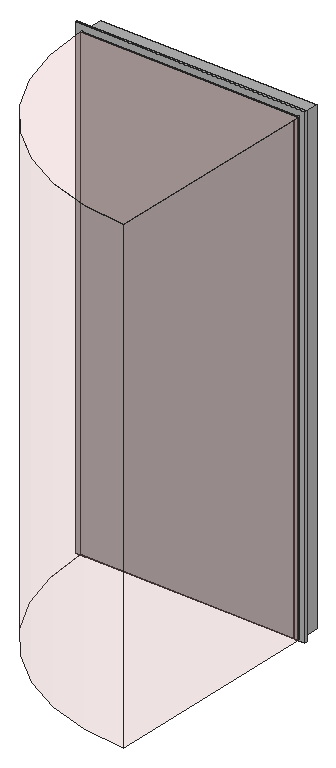
Revit family "ASSA ABLOY - ALPE Sp 30-1, single-leaf, angular frame", category Doors, host Wall, Revit 2021
Family settings
  Host = Wall
  OmniClass Number = 23.30.10.00
  OmniClass Title = Doors
  Always vertical = Yes
  Cut with Voids When Loaded = No
  Shared = No
  Room Calculation Point = No
Parameters (values of type "900 x 2100 (909 x 2106)")
  URL = "https://www.assaabloy.com/pl/pl"
  Type Comments = "Door leaf made of two pressed galvanised steel sheets 1,25mm thick. Filled with mineral wool glued to the sheets with polyurethane adhesive. Door with 3-sided thin rebate."
  Symbol Radius = Door Leaf Width + 9.500 mm  # 994.200 mm
  Rough Width Real = Width Round + Rough Width Conversion + Rough Width Adjustment  # 981.500 mm
  Rough Width Conversion = 81.500 mm  # constant formula
  Rough Width Adjustment = 0.000 mm  # constant formula
  Rough Height Real = Height Round + Rough Height Conversion + Rough Height Adjustment  # 2134.000 mm
  Rough Height Conversion = 34.000 mm  # constant formula
  Rough Height Adjustment = 0.000 mm  # constant formula
  Opening Zone [instance] = yes
  Model = "Doorset_Steel door, NFR or EI30_ASSA ABLOY Opening Solutions_Hardware 3D"
  Hinges Material = Default steel
  HW Item 8 = "1x 206253: Vercy door stopper, max 120 kg_ASSA ABLOY (option)"
  Frame Finish [instance] = ""
  Fire Rating NFR (0) = [Fire Rating - Set Value] = 1  # no
  Fire Rating EI30 (1) = [Fire Rating - Set Value] = 0  # yes
  Fire Rating - Set Value = 0
  Fire Rating = if([Fire Rating NFR (0)], "NFR", if([Fire Rating EI30 (1)], "EI30", "0"))  # "EI30"
  Width Round = roundup((Width / 5.000 mm)) * 5.000 mm  # 900.000 mm
  Thickness = 54.000 mm  # constant formula
  Smoke Rating = "Sa, S200 (optional)"
  Rough Width = Width Round + Rough Width Conversion + Rough Width Adjustment + 8.500 mm  # 990.000 mm
  Rough Height = Height Round + Rough Height Conversion + Rough Height Adjustment + 6.000 mm  # 2140.000 mm
  Readme = "The actual lintel height is consistent with the Rough Height parameter.\r\nThe final HW Set should be consistent with the function of the door and its  parameters.\r\nHardware mounted on door surface may affect the clear passage opening. For verification, please contact the specification department.\r\nFor the corner door frame installed in a steel structure and plasterboard walls, add 3 cm per each leaf to the width of the Rough Width opening."
  Provider = "ASSA ABLOY Opening Solutions"
  Product Group = "Single-Steel"
  Name = "Steel door, NFR or EI30"
  Min Door Width = 280.000 mm
  Min Door Height = 700.000 mm
  Mechanical Strength = 4
  Max Door Width = 1230.000 mm
  Max Door Height = 2500.000 mm
  Manufacturer = "ASSA ABLOY"  # constant formula
  IfcExportType = "USERDEFINED"
  IfcExportAs = "IfcDoorType"
  Height Round = roundup((Height / 5.000 mm)) * 5.000 mm  # 2100.000 mm
  Hardware Set = "2.6PL"
  HW Item 7 = "1x TL0151BS: round rosette PZPZ, stainless steel_ASSA ABLOY"
  HW Item 6 = "1x TL4106SS: U-shape handle set on round rosette, class 4 (EN1906), stainless steel_ASSA ABLOY"
  HW Item 5 = "1x SK6 Radius: euro profile cylinder_IKON"
  HW Item 4 = "1x N1050: One System mechanical mortice lockcase for fire doors_ASSA ABLOY"
  HW Item 3 = "1x A153: mechanical opening damper_ASSA ABLOY (option)"
  HW Item 2 = "1x G195: door closer guide rail_ASSA ABLOY"
  HW Item 1 = "1x DC700/ DC500: door closer, Cam-Motion®_ASSA ABLOY"
  Function = Interior
  Height = 2100.000 mm
  Wall Closure = By host
  Width = 900.000 mm
  Frame Type = "Welded steel corner frame, made of galvanised sheet 1,5mm thick."
  Frame Material = Default steel
  Family name = "2.6_DOORSET_ALPE Sp 30-1_SINGLE-LEAF_CORNER FRAME_ASSA ABLOY PL"
  Environmental Product Declaration (EPD) = "To be confirmed with Provider"  # constant formula
  Environmental Management System = "To be confirmed with Provider"  # constant formula
  Edition number = "1"
  Door Type = "ALPE Sp 30-1"
  Door Material = Default steel
  Door Leaf Width = Width Round + 84.700 mm + Rough Width Adjustment  # 984.700 mm
  Door Finish Push Side [instance] = ""
  Door Finish Pull Side [instance] = ""
  Description = "ALPE Sp 30-1, door leaf made of two pressed galvanised steel sheets 1,25mm thick. Filled with mineral wool glued to the sheets with polyurethane adhesive. Door with 3-sided thin rebate. Stainless steel hinges with 3D regulation. Mechanical durability – class C5 according to PN-EN 16034:2014. Mechanical strength – class 4 according to PN-EN 1192:2001. Welded steel corner frame, made of galvanised sheet 1,5mm thick."
  Date of publishing = ""
  Contact Provider = "https://www.assaabloy.com/pl/pl/solutions/topics/bim-specification/contact"
  Brand = "ASSA ABLOY Mercor Doors Sp. z o. o."  # constant formula
  Author = "www.archispace.pl"
Types (7, lengths in mm): name | Symbol Radius | Rough Width Real | Rough Height Real | Width Round | Rough Width | Rough Height | Height Round | Height | Width | Door Leaf Width
  800 x 2100 (809 x 2106) | 894.200 | 881.500 | 2134.000 | 800.000 | 890.000 | 2140.000 | 2100.000 | 2100.000 | 800.000 | 884.700
  1000 x 2100 (1009 x 2106) | 1094.200 | 1081.500 | 2134.000 | 1000.000 | 1090.000 | 2140.000 | 2100.000 | 2100.000 | 1000.000 | 1084.700
  900 x 2100 (909 x 2106) | 994.200 | 981.500 | 2134.000 | 900.000 | 990.000 | 2140.000 | 2100.000 | 2100.000 | 900.000 | 984.700
  1100 x 2100 (1109 x 2106) | 1194.200 | 1181.500 | 2134.000 | 1100.000 | 1190.000 | 2140.000 | 2100.000 | 2100.000 | 1100.000 | 1184.700
  1200 x 2100 (1209 x 2106) | 1294.200 | 1281.500 | 2134.000 | 1200.000 | 1290.000 | 2140.000 | 2100.000 | 2100.000 | 1200.000 | 1284.700
  1230 x 2500 (1239 x 2506) | 1324.200 | 1311.500 | 2534.000 | 1230.000 | 1320.000 | 2540.000 | 2500.000 | 2500.000 | 1230.000 | 1314.700
  280 x 700 (289 x 706) | 374.200 | 361.500 | 734.000 | 280.000 | 370.000 | 740.000 | 700.000 | 700.000 | 280.000 | 364.700
Reference planes
  plane 1: y = 0
  plane 2 "Center (Left/Right)": x = 0
  plane 3: z = 2140
  plane 4 "Exterior": y = 120
  plane 5 "Interior": y = -120
  plane 6: x = -490.75
  plane 7: x = 490.75
  plane 8: z = 2100
  plane 9: y = -60
  plane 10: y = -74
  plane 11: y = -24.5
  plane 12: y = -22
  plane 13: y = -129
  plane 14: x = -473.35
  plane 15: x = 473.35
  plane 16: z = 2116.6
  plane 17: z = 5
  plane 18: y = -137
  plane 19: x = 501.85
  plane 20: x = -495
  plane 21: x = 495
  plane 22: x = -456.75
  plane 23: x = 456.75
  plane 24: z = 2134
  plane 25: z = 152.5
  plane 26: z = 176.5
  plane 27: z = 178
  plane 28: z = 222
  plane 29: z = 223.5
  plane 30: z = 247.5
  plane 31: z = 1883.5
  plane 32: z = 1907.5
  plane 33: z = 1909
  plane 34: z = 1953
  plane 35: z = 1954.5
  plane 36: z = 1978.5
  plane 37: z = 1383.5
  plane 38: z = 1407.5
  plane 39: z = 1409
  plane 40: z = 1453
  plane 41: z = 1454.5
  plane 42: z = 1478.5
Forms (mm)
  Sweep 1, solid, material "Default steel" <- "Frame Material"
    path origin (0, -120, 0) x (1, 0, 0) y (0, 0, 1)
      loop
        line (-490.75, 0) -> (-490.75, 2134) -> (490.75, 2134) -> (490.75, 0)
    profile origin (-490.75, -120, 1067) x (-1, 0, 0) y (0, -1, 0)
      loop
        line (30, 0) -> (30, 9) -> (-12, 9) -> (-12, -60) -> (-21, -60) -> (-21, -46) -> (-34, -46) -> (-34, -98) -> (-8, -98) -> (-8, -95.5) -> (0, -95.5) -> (0, 0) -> (30, 0)
  Sweep 2, solid, material "Default steel" <- "Door Material"
    path origin (-5000, -120, 0) x (1, 0, 0) y (0, 0, 1)
      loop
        line (4526.65, 5) -> (4526.65, 2116.6) -> (5473.35, 2116.6) -> (5473.35, 5)
    profile origin (0, -120, 2116.6) x (0, 0, 1) y (0, -1, 0)
      loop
        line (0, 10) -> (19, 10) -> (19, 12.4) -> (0, 12.4) -> (0, 10)
  Sweep 3, solid, material "Default steel" <- "Door Material"
    path origin (-5000, -120, 0) x (1, 0, 0) y (0, 0, 1)
      loop
        line (5000, 5) -> (5000, 2116.6)
    profile origin (0, -120, 1060.8) x (-1, 0, 0) y (0, -1, 0)
      loop
        line (473.35, -41.6) -> (473.35, 12.4) -> (-473.35, 12.4) -> (-473.35, -41.6) -> (473.35, -41.6)
  Sweep 4, solid, material "Opening zone", visible <- "Opening Zone"
    path origin (-4946, 0, 0) x (-1, 0, 0) y (0, 0, 1)
      loop
        line (-5000, 5) -> (-5000, 2135.6)
    profile origin (54, 0, 1070.3) x (1, 0, 0) y (0, 1, 0)
      loop
        line (447.85, -137) -> (-546.35, -137)
        arc (-546.35, -137) -> (-255.156, -840.006) -> (447.85, -1131.2) r 994.2
        line (447.85, -1131.2) -> (447.85, -137)
Cuts and joins
  joined: Sweep 2, Sweep 3
Lines and regions (mm)
  Masking region 1, detail levels fine
    outline origin (-1177.682, -300, 2052) x (-1, 0, 0) y (0, -1, 0)
      loop
        line (-720.932, -226) -> (-720.932, -278) -> (-694.932, -278) -> (-694.932, -275.5) -> (-686.932, -275.5) -> (-686.932, -180) -> (-656.932, -180) -> (-656.932, -171) -> (-698.932, -171) -> (-698.932, -240) -> (-707.932, -240) -> (-707.932, -226) -> (-720.932, -226)
      loop
        line (-1634.432, -226) -> (-1647.432, -226) -> (-1647.432, -240) -> (-1656.432, -240) -> (-1656.432, -171) -> (-1698.432, -171) -> (-1698.432, -180) -> (-1668.432, -180) -> (-1668.432, -275.5) -> (-1660.432, -275.5) -> (-1660.432, -278) -> (-1634.432, -278) -> (-1634.432, -226)
  Masking region 2, detail levels medium
    outline origin (-1132.682, -300, 2052) x (-1, 0, 0) y (0, -1, 0)
      loop
        line (-641.932, -278) -> (-641.932, -180) -> (-608.932, -180) -> (-608.932, -171) -> (-675.932, -171) -> (-675.932, -278) -> (-641.932, -278)
      loop
        line (-1623.432, -278) -> (-1589.432, -278) -> (-1589.432, -171) -> (-1653.432, -171) -> (-1653.432, -180) -> (-1623.432, -180) -> (-1623.432, -278)
  Masking region 3, detail levels fine
    outline origin (-1132.682, -300, 2052) x (-1, 0, 0) y (0, -1, 0)
      loop
        circle (-1634.532, -163) r 9.5
  Opening 1
    outline origin (-5000, -120, 0) x (1, 0, 0) y (0, 0, 1)
      loop
        line (4505, 2140) -> (4505, 0) -> (5495, 0) -> (5495, 2140) -> (4505, 2140)
  symbolic lines, style "Elevation Swing"
    curve 1: line (-456.75, -120, 1070) -> (456.75, -120, 2100)
    curve 2: line (-456.75, -120, 1070) -> (456.75, -120, 5)
Text (mm)
  text "Exterior" at (-1376.75, 1099.543, 0), in view "Ref. Level"
  text "Exterior" at (0, 1615.38, 3698.081), in view "Left"
  text "Exterior" at (0, 1036.032, 3874.932), in view "Right"
Dimensions and locks
  "Rough Height": plane 3 to host wall
  equal spacing: host wall, curve 2, plane 3
  host wall to plane 3 = 2140.000 mm
  locked: plane 4 "Exterior" to host wall
  locked: plane 5 "Interior" to host wall
  equal spacing: plane 6, plane 2 "Center (Left/Right)", plane 7
  "Rough Width Real": plane 6 to plane 7
  "Height": plane 8 to level
  locked: plane 13 to plane 5 "Interior" at 9
  locked: plane 5 "Interior" to plane 10 at 46
  locked: plane 9 to plane 10 at 14
  locked: plane 11 to plane 9 at 35.5
  locked: plane 12 to plane 11 at 2.5
  locked: plane 15 to plane 7 at 17.4
  locked: plane 17 to level at 5
  locked: plane 18 to plane 5 "Interior" at 17
  locked: plane 7 to plane 19 at 11.1
  equal spacing: plane 21, plane 2 "Center (Left/Right)", plane 20
  "Rough Width": plane 21 to plane 20
  locked: plane 6 to plane 14 at 17.4
  locked: plane 6 to plane 22 at 34
  locked: plane 23 to plane 7 at 34
  "Rough Height Real": plane 24 to level
  locked: plane 24 to plane 16 at 17.4
  plane 22 to nested 1 = 900.000 mm
  locked: nested 1 to plane 19 at 4.6
  plane 24 to level = 2134.000 mm
  locked: Sweep 2 sketch curve to plane 24 at 1.6
  locked: Sweep 2 sketch curve to Sweep 2 sketch curve at 19
  plane 6 to plane 14 = 17.400 mm
  Sweep 1 to Sweep 1 = 42.000 mm
  locked: plane 25 to level at 152.5
  plane 27 to plane 26 to plane 25 = 1.500 mm locked, 24.000 mm locked
  locked: plane 28 to plane 27 at 44
  plane 30 to plane 29 to plane 28 = 24.000 mm locked, 1.500 mm locked
  plane 33 to plane 32 to plane 31 = 1.500 mm locked, 24.000 mm locked
  locked: plane 34 to plane 33 at 44
  plane 36 to plane 35 to plane 34 = 24.000 mm locked, 1.500 mm locked
  locked: plane 8 to plane 36 at 121.5
  plane 39 to plane 38 to plane 37 = 1.500 mm locked, 24.000 mm locked
  locked: plane 40 to plane 39 at 44
  plane 42 to plane 41 to plane 40 = 24.000 mm locked, 1.500 mm locked
  locked: plane 31 to plane 42 at 405
  Masking region 1 sketch curve to Masking region 1 sketch curve to Masking region 1 sketch curve = 13.000 mm locked, 9.000 mm locked
  locked: Masking region 1 sketch curve to Masking region 1 sketch curve at 42
  locked: Masking region 1 sketch curve to Masking region 1 sketch curve at 9
  locked: Sweep 1 to Masking region 2 sketch curve at 64
  locked: Masking region 2 sketch curve to Masking region 2 sketch curve at 64
  locked: Sweep 1 sketch curve to Sweep 1 sketch curve at 9
  locked: Masking region 1 sketch curve to Masking region 1 sketch curve at 8
  locked: Sweep 1 to Masking region 1 sketch curve at 26
  locked: plane 13 to Sweep 3 sketch curve at 50.6
  locked: Sweep 1 sketch curve to Sweep 1 sketch curve at 26
  locked: Sweep 2 sketch curve to Sweep 2 sketch curve at 2.4
  locked: plane 13 to Sweep 3 sketch curve at 3.4
  "Symbol Radius": radius of Sweep 4 sketch curve
  aligned and locked: plane 1 to host wall
  aligned and locked: level to Sweep 1 sketch curve  (x2)
  aligned and locked: Sweep 1 sketch curve to plane 6
  aligned and locked: plane 7 to Sweep 1 sketch curve
  aligned and locked: plane 2 "Center (Left/Right)" to Sweep 3 sketch curve
  aligned and locked: plane 5 "Interior" to nested 1
  aligned and locked: Masking region 2 sketch curve to plane 6
  aligned and locked: plane 5 "Interior" to Masking region 2 sketch curve
  aligned and locked: Masking region 2 sketch curve to plane 7
  aligned and locked: Masking region 2 sketch curve to plane 5 "Interior"
  aligned and locked: plane 10 to Masking region 1 sketch curve
  aligned and locked: plane 9 to Masking region 1 sketch curve
  aligned and locked: plane 11 to Masking region 1 sketch curve
  aligned and locked: plane 12 to Masking region 1 sketch curve
  aligned and locked: plane 13 to Masking region 1 sketch curve
  aligned and locked: Masking region 1 sketch curve to plane 13
  aligned and locked: Masking region 1 sketch curve to plane 10
  aligned and locked: Masking region 1 sketch curve to plane 9
  aligned and locked: Masking region 1 sketch curve to plane 11
  aligned and locked: Masking region 1 sketch curve to plane 12
  aligned and locked: Sweep 1 sketch curve to plane 13
  aligned and locked: Sweep 1 sketch curve to plane 10
  aligned and locked: Sweep 1 sketch curve to plane 9
  aligned and locked: plane 11 to Sweep 1 sketch curve
  aligned and locked: plane 12 to Sweep 1 sketch curve
  aligned and locked: plane 13 to Masking region 2 sketch curve
  aligned and locked: Masking region 2 sketch curve to plane 12
  aligned and locked: Masking region 2 sketch curve to plane 13
  aligned and locked: plane 12 to Masking region 2 sketch curve
  aligned and locked: plane 14 to Sweep 2 sketch curve
  aligned and locked: Sweep 2 sketch curve to plane 16
  aligned and locked: plane 15 to Sweep 2 sketch curve
  aligned and locked: plane 16 to Sweep 3 sketch curve
  aligned and locked: plane 15 to Sweep 3 sketch curve
  aligned and locked: plane 14 to Sweep 3 sketch curve
  aligned and locked: plane 18 to Masking region 3 sketch curve
  aligned and locked: plane 19 to Masking region 3 sketch curve
  aligned and locked: level to Opening 1 sketch curve
  aligned and locked: plane 3 to Opening 1 sketch curve
  aligned and locked: plane 20 to Opening 1 sketch curve
  aligned and locked: Opening 1 sketch curve to plane 21
  aligned and locked: Sweep 1 sketch curve to plane 24
  aligned and locked: plane 17 to Sweep 2 sketch curve  (x2)
  aligned and locked: plane 17 to Sweep 3 sketch curve
  aligned and locked: plane 17 to Sweep 4 sketch curve
  aligned and locked: plane 23 to curve 2
  aligned and locked: plane 17 to curve 2
  aligned and locked: plane 23 to curve 1
  aligned and locked: plane 8 to curve 1
  aligned and locked: plane 22 to curve 1
  aligned and locked: Masking region 1 sketch curve to plane 23
  aligned and locked: Sweep 1 sketch curve to plane 22
  aligned and locked: Sweep 4 sketch curve to plane 19
  aligned and locked: plane 18 to Sweep 4 sketch curve
  aligned and locked: cut or joined group of Sweep 2, Sweep 3 to Sweep 4 sketch curve
  aligned and locked: Masking region 1 sketch curve to Sweep 1
  aligned and locked: plane 23 to Masking region 2 sketch curve
Automatic sketch dimensions
  plane 5 "Interior" to Sweep 1 sketch curve = 0.000 mm
  Sweep 1 sketch curve to profile plane = 0.000 mm
  profile plane to Sweep 1 sketch curve = 12.000 mm
  Sweep 1 sketch curve to Sweep 1 sketch curve = 30.000 mm
  Masking region 1 sketch curve to plane 7 = 0.000 mm
  host wall to Masking region 1 sketch curve = 0.000 mm  (x2)
  Masking region 1 sketch curve to plane 15 = 5.400 mm
  plane 2 "Center (Left/Right)" to Sweep 4 sketch curve = 54.000 mm
  Masking region 2 sketch curve to plane 20 = 28.750 mm
  Masking region 1 sketch curve to plane 6 = 0.000 mm
  Masking region 1 sketch curve to plane 22 = 0.000 mm
  profile plane to Sweep 2 sketch curve = 10.000 mm
  radius of Masking region 3 sketch curve = 9.500 mm
Nested families
  nested 1: "Detail_Door symbol" at (0, -120, 2052), type "Detail_Door symbol"
Definition of nested family "Detail_Door symbol"
  Parameters (values of type "Detail_Door symbol")
    Symbol Radius = Door Leaf Width + 9.500 mm  # 1110.200 mm
    Rough Width = 1097.500 mm
    Door Leaf Width = 1100.700 mm
  Reference planes
    plane 1 "Center (Front/Back)": y = 0
    plane 2: z = 0
    plane 3 "Center (Left/Right)": x = 0
    plane 4: x = -548.75
    plane 5: x = 548.75
    plane 6: y = -17
    plane 7: x = 559.75
    plane 8: x = 552.85
    plane 9: x = 555.25
    plane 10: x = 501.25
    plane 11: y = -26.5
    plane 12: y = -45.5
    plane 13: y = -1127.2
    plane 14: y = -1108.2
  Lines and regions (mm)
    Filled region 1, type "Solid Fill - White", in view "Ref. Level", detail levels fine
      outline origin (-28.5, 43.059, 0) x (0, 1, 0) y (-1, 0, 0)
        loop
          line (-69.559, -583.75) -> (-69.559, -581.35) -> (-88.559, -581.35) -> (-88.559, -529.75) -> (-1151.259, -529.75) -> (-1151.259, -581.35) -> (-1170.259, -581.35) -> (-1170.259, -583.75) -> (-69.559, -583.75)
    Filled region 2, type "Solid Fill - White", in view "Ref. Level", detail levels medium
      outline origin (-28.5, 43.059, 0) x (0, 1, 0) y (-1, 0, 0)
        loop
          line (-69.559, -583.75) -> (-69.559, -529.75) -> (-1170.259, -529.75) -> (-1170.259, -583.75) -> (-69.559, -583.75)
    detail lines, in view "Ref. Level"
      curve 1: arc (559.75, -1127.2, 0) -> (-225.28, -802.03, 0) -> (-550.45, -17, 0) r 1110.2
    detail lines, in view "Ref. Level", detail levels coarse
      curve 2: line (559.75, -1127.2, 0) -> (559.75, -17, 0)
  Dimensions and locks
    equal spacing: plane 4, plane 3 "Center (Left/Right)", plane 5
    "Rough Width": plane 4 to plane 5
    locked: plane 5 to plane 7 at 11
    locked: plane 6 to plane 1 "Center (Front/Back)" at 17
    locked: plane 5 to plane 8 at 4.1
    locked: plane 5 to plane 9 at 6.5
    locked: plane 10 to plane 9 at 54
    plane 11 to plane 1 "Center (Front/Back)" = 26.500 mm
    locked: plane 11 to plane 12 at 19
    "Door Leaf Width": plane 11 to plane 13
    locked: plane 14 to plane 13 at 19
    "Symbol Radius": radius of curve 1
    aligned and locked: plane 7 to curve 1
    aligned and locked: Filled region 1 sketch curve to plane 9
    aligned and locked: Filled region 1 sketch curve to plane 11
    aligned and locked: plane 8 to Filled region 1 sketch curve  (x2)
    aligned and locked: Filled region 1 sketch curve to plane 12
    aligned and locked: Filled region 1 sketch curve to plane 10
    aligned and locked: plane 13 to Filled region 1 sketch curve
    aligned and locked: Filled region 1 sketch curve to plane 14
    aligned and locked: Filled region 2 sketch curve to plane 11
    aligned and locked: Filled region 2 sketch curve to plane 9
    aligned and locked: Filled region 2 sketch curve to plane 10
    aligned and locked: Filled region 2 sketch curve to plane 13
    aligned and locked: plane 6 to curve 2
    aligned and locked: curve 2 to plane 7
    aligned and locked: plane 6 to curve 1
